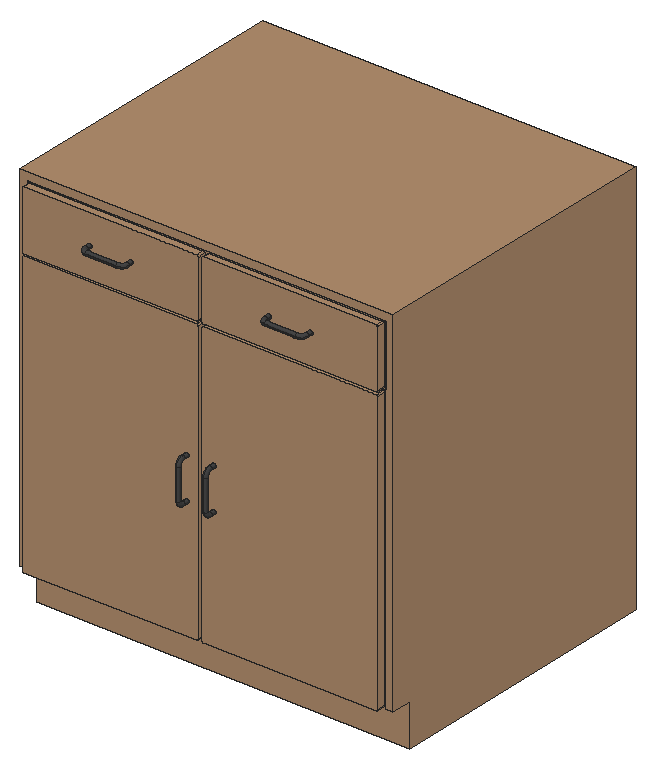
Revit family "Cabinet_Wenger_UltraStor_62", category Furniture, Revit 2015
Parameters (values of type "UltraStor Cabinet #62 - Comp Wood Doors")
  URL = "https://www.wengercorp.com/"
  Type Comments = ""
  Specification = "http://www.arcat.com/sdspecs/htm04/12_35_83wen.htm"
  Shelf Thickness = 0' - 1 1/8"
  Sales Information = "https://www.wengercorp.com/contact-us.php"
  Revision = "R1_2018-04"
  Rear Panel Thickness = 0' - 0 3/4"
  Product Data = "http://www.arcat.com/arcatcos/cos36/arc36487.html"
  Manufacturer Website = "https://www.wengercorp.com/"
  Manufacturer Phone - Toll Free = "800-4WENGER"
  Manufacturer Phone = "(507) 455-4100"
  Manufacturer Fax = "(507) 455-4258"
  Manufacturer Address = "555 Park Dr., Owatonna, MN 55060"
  Keynote = "12 35 83"
  Green Building-LEED = "http://www.arcat.com/green/clients/leed_data_36487.html"
  Drawn By = "Sumex Design, Inc. / Robert S. Weygant, CSI, CDT, SCIP"
  Door Width = (Cabinet Width - 0' 1 5/8") / 2  # 1' - 5 3/16"
  Door Material [instance] = Wenger Cherry (Use Cherry Edge Band Only)
  Door Height = (Cabinet Height - 0' 10")  # 2' - 4 5/16"
  Toe Kick Material [instance] = Wenger Cherry (Use Cherry Edge Band Only)
  Model = "#62"
  Manufacturer = "Wenger Corporation"
  End Panel Material [instance] = Wenger Cherry (Use Cherry Edge Band Only)
  Edge Banding Material [instance] = Wenger Cherry (Use Cherry Edge Band Only)
  Cost = 0
  Copyright = "© 2018 Arcat Inc."
  Construction Details = "http://www.arcat.com/details/wengerco/wengerco.html?coid=36487"
  Body Material [instance] = Wenger Cherry (Use Cherry Edge Band Only)
  Description = "Wenger UltraStor Cabinet #62 - Comp Wood Doors"
  Cabinet Width = 3' - 0"
  Cabinet Height = 3' - 2 5/16"
  Installed Depth = 2' - 5 1/4"  # constant formula
  Cabinet Panel Thickness = 0' - 0 3/4"
  Assembly Code = "E2010200"
Reference planes (in)
  plane 1 "Front": y = 0
  plane 2: z = 0
  plane 3 "Left": x = 0
  plane 4 "Right": x = 36
  plane 5 "Back": y = 29.25
  plane 6 "Top": z = 38.3125
  plane 7: z = 4
  plane 8: x = 0.75
  plane 9: x = 35.25
  plane 10: z = 37.5625
  plane 11: y = 28.5
  plane 12: y = 2
  plane 13: y = 0.75
  plane 14: z = 5.125
  plane 15: z = 31.5625
  plane 16: x = 18
Forms (in)
  Extrusion 1, solid, material "Wenger Cherry (Use Cherry Edge Band Only)" <- "Body Material"
    sketch origin (0, 0, 0) x (0, 1, 0) y (0, 0, 1)
      loop
        line (0, 38.3125) -> (0, 4) -> (2, 4) -> (2, 0) -> (29.25, 0) -> (29.25, 38.3125) -> (0, 38.3125)
    from 0 to 36
  Extrusion 2, void
    sketch origin (0, 0, 0) x (0, 1, 0) y (0, 0, 1)
      loop
        line (-5.5, 37.5625) -> (-5.5, 4) -> (0.75, 4)
        arc (0.75, 4) -> (1.15915, 4.80234) -> (2, 5.125) r 1.25694
        line (2, 5.125) -> (28.5, 5.125) -> (28.5, 37.5625) -> (-5.5, 37.5625)
    from 0.75 to 35.25
  Extrusion 3, void
    sketch origin (0, 0, 0) x (0, 1, 0) y (0, 0, 1)
      loop
        line (0, 37.5625) -> (0, 4) -> (0.0625, 4) -> (0.0625, 37.5625) -> (0, 37.5625)
    from 0.75 to 35.25
  Extrusion 4, solid, material "Wenger Cherry (Use Cherry Edge Band Only)" <- "Body Material"
    sketch origin (0, 0, 0) x (0, 1, 0) y (0, 0, 1)
      loop
        line (0, 37.5625) -> (0, 31.5625) -> (0.75, 31.5625) -> (0.75, 37.5625) -> (0, 37.5625)
    from 0.75 to 35.25
Cuts and joins
  Extrusion 2, Extrusion 3 cuts Extrusion 1
Lines and regions (in)
  Masking region 1
    outline origin (0, 0, 0) x (1, 0, 0) y (0, 1, 0)
      loop
        line (0, 29.25) -> (0, 0) -> (36, 0) -> (36, 29.25) -> (0, 29.25)
Dimensions and locks (in)
  "Cabinet Panel Thickness": plane 3 "Left" to plane 8
  "Cabinet Panel Thickness": plane 9 to plane 4 "Right"
  "Cabinet Panel Thickness": plane 5 "Back" to plane 11
  locked: plane 1 "Front" to plane 13 at 0.75
  locked: plane 1 "Front" to plane 12 at 2
  "Cabinet Panel Thickness": plane 6 "Top" to plane 10
  "Shelf Thickness": plane 14 to plane 7
  "Cabinet Width": plane 3 "Left" to plane 4 "Right"
  locked: plane 7 to level at 4
  "Cabinet Height": plane 6 "Top" to level
  "Installed Depth": plane 1 "Front" to plane 5 "Back"
  plane 3 "Left" to plane 4 "Right" = 3' - 0"
  equal spacing: plane 5 "Back", nested 1, plane 1 "Front"
  locked: plane 10 to plane 15 at 6
  equal spacing: plane 4 "Right", plane 16, plane 3 "Left"
  aligned and locked: Extrusion 1 sketch curve to plane 6 "Top"
  aligned and locked: Extrusion 1 sketch curve to plane 5 "Back"
  aligned and locked: Extrusion 1 sketch curve to plane 1 "Front"
  aligned and locked: Extrusion 1 sketch curve to plane 7
  aligned and locked: Extrusion 1 sketch curve to plane 12
  aligned and locked: Extrusion 1 sketch curve to level
  aligned and locked: Extrusion 1 to plane 4 "Right"
  aligned and locked: Extrusion 1 to plane 3 "Left"
  aligned and locked: Extrusion 2 sketch curve to plane 10
  aligned and locked: Extrusion 2 sketch curve to plane 14
  aligned and locked: Extrusion 2 to plane 8
  aligned and locked: Extrusion 3 sketch curve to cut or joined group of Extrusion 1, Extrusion 2, Extrusion 3  (x3)
  aligned and locked: Extrusion 3 to plane 9
  aligned and locked: Extrusion 3 to plane 8
  aligned and locked: nested 2 to plane 8
  aligned and locked: plane 7 to cut or joined group of Extrusion 1, Extrusion 2, Extrusion 3
  aligned and locked: nested 2 to plane 7
  aligned and locked: plane 13 to Extrusion 2 sketch curve
  aligned and locked: Masking region 1 sketch curve to plane 5 "Back"
  aligned and locked: Masking region 1 sketch curve to plane 1 "Front"
  aligned and locked: plane 3 "Left" to Masking region 1 sketch curve
  aligned and locked: plane 4 "Right" to Masking region 1 sketch curve
  aligned and locked: cut or joined group of Extrusion 1, Extrusion 2, Extrusion 3 to plane 9
  aligned and locked: plane 10 to Extrusion 4 sketch curve
  aligned and locked: plane 1 "Front" to Extrusion 4 sketch curve
  aligned and locked: Extrusion 4 to plane 9
  aligned and locked: Extrusion 4 to plane 8
  aligned and locked: plane 15 to nested 2
  aligned and locked: Extrusion 4 sketch curve to plane 15
  aligned and locked: Extrusion 4 sketch curve to plane 13
  aligned and locked: plane 10 to nested 4
  aligned and locked: nested 5 to plane 15
  aligned and locked: nested 3 to plane 9
  aligned and locked: plane 15 to nested 3
  aligned and locked: nested 3 to plane 7
  aligned and locked: plane 16 to nested 1
  aligned and locked: plane 1 "Front" to nested 3
  aligned and locked: plane 1 "Front" to nested 2
Automatic sketch dimensions
  plane 13 to Extrusion 3 sketch curve = 0' - 0 11/16"
  Extrusion 2 sketch curve to plane 7 = 0' - 0"
  Extrusion 2 sketch curve to plane 12 = 0' - 0"
  Extrusion 2 sketch curve to plane 11 = 0' - 0"
  plane 1 "Front" to Extrusion 2 sketch curve = 0' - 5 1/2"
Nested families (in)
  nested 1: "Labels" at (18, 14.625, 0), type "Labels"
  nested 2: "Door-Drwr" at (9.34375, -0.75, 4) x (1, 0, 0) z (0, -1, 0), Width <- "Door Width", type "Door", detail levels medium+fine
    with Width 1' - 5 3/16", ToeKick Height 0' - 4", Height 2' - 3 9/16"
  nested 3: "Door-Drwr" at (26.65625, -0.75, 31.5625) x (-1, 0, 0) z (0, -1, 0), Width <- "Door Width", type "Door"
    with Width 1' - 5 3/16", ToeKick Height 0' - 4", Height 2' - 3 9/16"
  nested 4: "Door-Drwr" at (26.65625, -0.75, 37.5625) x (-1, 0, 0) z (0, -1, 0), Width <- "Door Width", type "Drawer"
    with Width 1' - 5 3/16", ToeKick Height 0' - 4", Height 0' - 6"
  nested 5: "Door-Drwr" at (9.34375, -0.75, 31.5625) x (1, 0, 0) z (0, -1, 0), Width <- "Door Width", type "Drawer"
    with Width 1' - 5 3/16", ToeKick Height 0' - 4", Height 0' - 6"
Definition of nested family "Door-Drwr"
  Parameters (values of type "Drawer")
    Width [instance] = 0' - 8"
    ToeKick Height [instance] = 0' - 4"
    Thickness = 0' - 0 3/4"
    Door = no
    Shelf Thickness = 0' - 0 3/4"
    Panel Thickness = 0' - 0 3/4"
    Drawer = yes
    Height [instance] = 1' - 2 5/8"
    Handle Finish [instance] = none
    Edge Banding = none
    DoorGap = 0' - 0 1/8"
    Door Finish = none
    Depth = 2' - 0"
    Default Elevation = 4' - 0"
  Types (2): name | Door | Drawer
    Door | yes | no
    Drawer | no | yes
  Reference planes (in)
    plane 1 "Center (Front/Back)": y = 0
    plane 2: z = 0
    plane 3 "Center (Left/Right)": x = 0
    plane 4: x = -4
    plane 5: y = 14.625
    plane 6: x = 4
    plane 7: z = -0.75
    plane 8: x = -3.875
    plane 9: x = 3.875
    plane 10: y = 0.125
    plane 11: y = 14.5
    plane 12: y = -0.75
    plane 13 "CL Elev": y = 7.3125
    plane 14: x = -3.75
    plane 15: x = 3.75
    plane 16 "BtmRail": y = 0.25
    plane 17: y = 14.375
    plane 18: z = -0.125
    plane 19: x = -2.75
    plane 20 "DrHandle": x = 2.75
    plane 21: y = 9.66667
    plane 22: y = 4.95833
  Forms (in)
    Extrusion 1, solid, material <- "Door Finish", detail levels medium+fine
      sketch origin (0, 0, 0) x (1, 0, 0) y (0, 1, 0)
        loop
          arc (-3.75, 14.5) -> (-3.83839, 14.46339) -> (-3.875, 14.375) r 0.125
          line (-3.875, 14.375) -> (-3.875, 0.25)
          arc (-3.875, 0.25) -> (-3.83839, 0.16161) -> (-3.75, 0.125) r 0.125
          line (-3.75, 0.125) -> (3.75, 0.125)
          arc (3.75, 0.125) -> (3.83839, 0.16161) -> (3.875, 0.25) r 0.125
          line (3.875, 0.25) -> (3.875, 14.375)
          arc (3.875, 14.375) -> (3.83839, 14.46339) -> (3.75, 14.5) r 0.125
          line (3.75, 14.5) -> (-3.75, 14.5)
      from 0 to -0.75
    Sweep 2, solid, material <- "Handle Finish", visible <- "Drawer", detail levels fine
      path origin (0, 7.3125, 0) x (-1, 0, 0) y (0, 0, 1)
        loop
          line (2, 0) -> (2, 0.5)
          arc (2, 0.5) -> (1.85355, 0.85355) -> (1.5, 1) r 0.5
          line (1.5, 1) -> (-1.5, 1)
          arc (-1.5, 1) -> (-1.85355, 0.85355) -> (-2, 0.5) r 0.5
          line (-2, 0.5) -> (-2, 0)
      profile origin (-2, 7.3125, 0.25) x (1, 0, 0) y (0, 1, 0)
        loop
          circle (0, 0) r 0.1875
    Sweep 3, solid, material <- "Handle Finish", visible <- "Door", detail levels fine
      path origin (2.75, 0, 0) x (0, 0, 1) y (0, -1, 0)
        loop
          line (0, -9.3125) -> (0.5, -9.3125)
          arc (0.5, -9.3125) -> (0.85355, -9.16605) -> (1, -8.8125) r 0.5
          line (1, -8.8125) -> (1, -5.8125)
          arc (1, -5.8125) -> (0.85355, -5.45895) -> (0.5, -5.3125) r 0.5
          line (0.5, -5.3125) -> (0, -5.3125)
      profile origin (2.75, 9.3125, 0.25) x (0, -1, 0) y (1, 0, 0)
        loop
          circle (0, 0) r 0.1875
  Lines and regions (in)
    symbolic lines, visible <- "Door", detail levels medium+fine
      curve 1: line (4, 0.25, 0) -> (-4, 0.25, 0)
      curve 2: line (-4, 0.25, 0) -> (-4, 0.25, 8)
      curve 3: arc (4, 0.25, 0) -> (1.65685, 0.25, 5.65685) -> (-4, 0.25, 8) r 8
    symbolic lines, detail levels medium+fine
      curve 4: line (3.875, 0.25, 0) -> (3.875, 0.25, -0.75)
      curve 5: line (3.875, 0.25, -0.75) -> (-3.875, 0.25, -0.75)
      curve 6: line (-3.875, 0.25, -0.75) -> (-3.875, 0.25, 0)
    symbolic lines, visible <- "Door", detail levels medium
      curve 7: line (3.875, 14.5, 0) -> (-3.875, 7.3125, 0)
      curve 8: line (-3.875, 7.3125, 0) -> (3.875, 0.125, 0)
  Dimensions and locks (in)
    "Height": plane 1 "Center (Front/Back)" to plane 5
    "Thickness": level to plane 7
    equal spacing: plane 4, plane 3 "Center (Left/Right)", plane 6
    "Width": plane 4 to plane 6
    "DoorGap": plane 5 to plane 11
    "DoorGap": plane 9 to plane 6
    "DoorGap": plane 4 to plane 8
    "DoorGap": plane 1 "Center (Front/Back)" to plane 10
    "Shelf Thickness": plane 1 "Center (Front/Back)" to plane 12
    equal spacing: plane 1 "Center (Front/Back)", plane 13 "CL Elev", plane 5
    locked: plane 15 to plane 9 at 0.125
    locked: plane 8 to plane 14 at 0.125
    locked: plane 11 to plane 17 at 0.125
    locked: plane 16 "BtmRail" to plane 10 at 0.125
    locked: level to plane 18 at 0.125
    plane 19 to plane 14 = 0' - 1"
    locked: plane 15 to plane 20 "DrHandle" at 1
    equal spacing: plane 17, plane 21, plane 22, plane 16 "BtmRail"
    Sweep 2 sketch curve to plane 3 "Center (Left/Right)" to Sweep 2 sketch curve = 0' - 2" locked, 0' - 2" locked
    locked: level to Sweep 2 sketch curve at 1
    Sweep 3 sketch curve to plane 13 "CL Elev" to Sweep 3 sketch curve = 0' - 2" locked, 0' - 2" locked
    locked: Sweep 3 sketch curve to level at 1
    "Width": radius of curve 3
    aligned and locked: plane 2 to level
    aligned and locked: Extrusion 1 sketch curve to plane 11
    aligned and locked: plane 8 to Extrusion 1 sketch curve
    aligned and locked: Extrusion 1 sketch curve to plane 9
    aligned and locked: plane 10 to Extrusion 1 sketch curve
    aligned and locked: Extrusion 1 to plane 7
    aligned and locked: level to Extrusion 1
    aligned and locked: plane 4 to curve 3  (x2)
    aligned and locked: level to curve 3
    aligned and locked: plane 7 to curve 5
    aligned and locked: Extrusion 1 to plane 8
    aligned and locked: plane 9 to Extrusion 1
    aligned and locked: plane 10 to curve 8
    aligned and locked: plane 9 to curve 8
    aligned and locked: plane 13 "CL Elev" to curve 8
    aligned and locked: plane 11 to curve 7
    aligned and locked: plane 9 to curve 7
  Automatic sketch dimensions
    curve 8 to plane 8 = 0' - 0"
    Extrusion 1 sketch curve to plane 14 = 0' - 0"  (x2)
    Extrusion 1 sketch curve to plane 15 = 0' - 0"  (x2)
    Sweep 2 sketch curve to level = 0' - 0"  (x2)
    Sweep 2 sketch curve to Sweep 2 sketch curve = 0' - 0 1/2"
    level to Sweep 2 sketch curve = 0' - 0 1/2"
    Sweep 2 sketch curve to plane 13 "CL Elev" = 0' - 0"
    Sweep 2 sketch curve to profile plane = 0' - 0"
    Sweep 3 sketch curve to level = 0' - 0"  (x2)
    level to Sweep 3 sketch curve = 0' - 0 1/2"
    Sweep 3 sketch curve to Sweep 3 sketch curve = 0' - 0 1/2"
    Sweep 3 sketch curve to plane 20 "DrHandle" = 0' - 0"
    Sweep 3 sketch curve to profile plane = 0' - 0"
    curve 5 to plane 9 = 0' - 0"
    curve 6 to plane 8 = 0' - 0"
    radius of Sweep 2 sketch curve = 0' - 0 3/16"
    radius of Sweep 3 sketch curve = 0' - 0 3/16"
Definition of nested family "Labels"
  Parameters
    Cabinet Label = "01"
  Reference planes (in)
    plane 1: y = 0
    plane 2: x = 0
  Text (in)
    label "xxxx" at (-0.00018, 0.00754, 0), shows "Cabinet Label"
